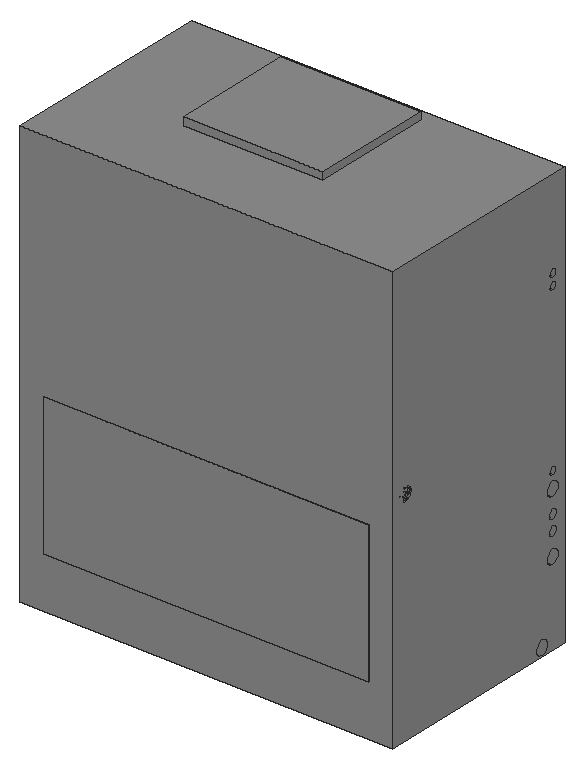
Revit family
Parameters (values of type "40RUA07")
  Width = 2' - 4 3/16"
  Voltage = 0 V
  Version = 1
  Unit Material = Paint - Carrier - American Sterling Gray
  UV-C Germicidal Lamp [instance] = no
  URL = "www.carrier.com"
  Type Comments = "10 Tons DX Coil Packed Air-Handling Unit"
  Top Duct Width = 1' - 4 1/16"
  Top Duct Length = 1' - 6 3/8"
  Top Duct Height = 0' - 1"
  TXV Bulb Connection Size = 7/8"
  TXV Bulb Connection Radius = TXV Bulb Connection Size / 2  # 0' - 0 7/16"
  Suction Connection Size = 1 1/8"
  Suction Connection Radius = Suction Connection Size / 2  # 0' - 0 9/16"
  Subbase [instance] = no
  Steam Heating Coil [instance] = no
  Right Clearance = 2' - 6"
  Return Air Intake Length = 3' - 6 3/4"
  Return Air Grille [instance] = no
  Programmable Thermostats [instance] = no
  Prepainted Units [instance] = no
  Overhead Suspension Package [instance] = no
  Model = "40RUA07"
  Manufacturer = "Carrier"  # constant formula
  MOCP = 0 A
  MCA = 0 A
  Liquid Connection Size = 5/8"
  Liquid Connection Radius = Liquid Connection Size / 2  # 0' - 0 5/16"
  Length = 4' - 1"
  Left Clearance = 2' - 6"
  Hot Water Heating Coils [instance] = no
  Height = 4' - 8 1/16"
  Front Return Air Intake Height = 1' - 6 1/2"
  Front Clearance = 2' - 6"
  Fan Radius = 1' - 0"
  Electric Heat [instance] = no
  Economizer [instance] = no
  Drain Connection Size = 1 1/4"
  Drain Connection Radius = Drain Connection Size / 2  # 0' - 0 5/8"
  Disclaimer = "Manufacturer reserves the right to change, at any time, specifications and designs without notice and without obligation.  Please verify critical parameters with local Carrier commercial sales office."  # constant formula
  Discharge Plenum [instance] = no
  Condensate Drain Trap [instance] = no
  CO2 Sensors [instance] = no
  CFM (nominal) = 0 CFM
  Bottom Return Air Intake Width = 1' - 5 1/4"
  Back Clearance = 0' - 3"
  Assembly Code = "D3050200"
  Alternate Fan Motors [instance] = no
  Alternate Drives [instance] = no
Types (7): name | Type Comments | Top Duct Width | Top Duct Length | Suction Connection Size | Suction Connection Radius | Model | Liquid Connection Size | Liquid Connection Radius
  (no name) | "10 Tons DX Coil Packed Air-Handling Unit" | 1' - 4 1/16" | 1' - 6 3/8" | 1 1/8" | 0' - 0 9/16" | "40RUA07" | 5/8" | 0' - 0 5/16"
  40RUA07 | "10 Tons DX Coil Packed Air-Handling Unit" | 1' - 4 1/16" | 1' - 6 3/8" | 1 1/8" | 0' - 0 9/16" | "40RUA07" | 5/8" | 0' - 0 5/16"
  40RUA08 | "7.5 Tons  DX Coil Packed Air-Handling Unit" | 1' - 4" | 1' - 6" | 1 1/8" | 0' - 0 9/16" | "40RUA08" | 5/8" | 0' - 0 5/16"
  40RUA12 | "10 Tons  DX Coil Packed Air-Handling Unit" | 1' - 4" | 1' - 6" | 1 1/8" | 0' - 0 9/16" | "40RUA12" | 5/8" | 0' - 0 5/16"
  40RUS08 | "7.5 Tons" | 1' - 4" | 1' - 6" | 1 3/8" | 0' - 0 11/16" | "40RUS08 Chilled Water Coil Packed Air-Handling Unit" | 1 3/8" | 0' - 0 11/16"
  40RUS12 | "10 Tons Chilled Water Coil Packed Air-Handling Unit" | 1' - 4" | 1' - 6" | 1 3/8" | 0' - 0 11/16" | "40RUS12" | 1 3/8" | 0' - 0 11/16"
  40RUS10 | "8.5 Tons Chilled Water Coil Packed Air-Handling Unit" | 1' - 4" | 1' - 6" | 1 3/8" | 0' - 0 11/16" | "40RUS10" | 1 3/8" | 0' - 0 11/16"
Reference planes (in)
  plane 1 "Center (Front/Back)": y = 0
  plane 2: z = 0
  plane 3 "Center (Left/Right)": x = 0
  plane 4 "Bace Face of Unit": y = 14.09375
  plane 5 "Front Face of Unit": y = -14.09375
  plane 6 "Left Face of Unit": x = -24.5
  plane 7 "Right Face of Unit": x = 24.5
  plane 8 "Back Clearance Line": y = 17.09375
  plane 9 "Left Clearance Line": x = -54.5
  plane 10 "Right Clearance Line": x = 54.5
  plane 11 "Front Clearance Line": y = -44.09375
  plane 12 "Top of Unit": z = 56.0625
  plane 13 "Bottom of Unit": z = 0
  plane 14 "Top Duct Left Edge": x = -11.4375
  plane 15 "Top Duct Right Edge": x = 6.9375
  plane 16 "Top Duct Back Edge": y = 12.46875
  plane 17 "Top Duct Front Edge": y = -3.59375
  plane 18 "Top Duct Top": z = 57.0625
  plane 19 "Side Connections Centerline": y = 12.09375
  plane 20 "Lower Suction Connection Centerline": z = 11.0625
  plane 21 "Lower Liquid Connection Centerline": z = 14.0625
  plane 22 "Upper Liquid Connection Centerline": z = 16.0625
  plane 23 "Upper Suction Connection Centerline": z = 19.0625
  plane 24 "TXV Bulb Connection": z = 21.1875
  plane 25 "Top Power Entry Centerline": z = 44.4375
  plane 26 "Lower Power Entry Centerline": z = 42.9375
  plane 27 "Drain Connection Centerline": z = 1.125
  plane 28 "Drain Centerline - Horizontal": y = 10.34375
  plane 29 "Front Drain Centerline Vertical": y = -12.09375
  plane 30 "Front Drain Centerline Horizontal": z = 29.0625
  plane 31 "Left Edge of Intake": x = -21.375
  plane 32 "Right Edge of Intake": x = 21.375
  plane 33 "Top Edge of Intake": z = 25.25
  plane 34 "Bottom Edge of Intake": z = 6.75
  plane 35 "Back Edge of Intake": y = 6.84375
  plane 36 "Front Edge of Intake": y = -10.40625
Forms (in)
  Extrusion 1, solid, material "Paint - Carrier - American Sterling Gray" <- "Unit Material"
    sketch origin (0, 0, 0) x (1, 0, 0) y (0, 1, 0)
      loop
        line (-24.5, -14.09375) -> (24.5, -14.09375) -> (24.5, 14.09375) -> (-24.5, 14.09375) -> (-24.5, -14.09375)
    from 0 to 56.0625
  Extrusion 2, solid, material "Paint - Carrier - American Sterling Gray", detail levels medium+fine
    sketch origin (0, 0, 56.0625) x (-1, 0, 0) y (0, -1, 0)
      loop
        line (11.4375, 3.59375) -> (-6.9375, 3.59375) -> (-6.9375, -12.46875) -> (11.4375, -12.46875) -> (11.4375, 3.59375)
    from 0 to 1
  Extrusion 3, solid, material "Paint - Carrier - American Sterling Gray" <- "Unit Material", detail levels fine
    sketch origin (24.5, 0, 0) x (0, 1, 0) y (0, 0, 1)
      loop
        circle (12.09375, 44.4375) r 0.4375
    from 0 to -0.5
  Extrusion 4, solid, material "Paint - Carrier - American Sterling Gray" <- "Unit Material", detail levels fine
    sketch origin (24.5, 0, 0) x (0, 1, 0) y (0, 0, 1)
      loop
        circle (12.09375, 42.9375) r 0.4375
    from 0 to -0.5
  Extrusion 5, solid, material "Paint - Carrier - American Sterling Gray" <- "Unit Material", detail levels fine
    sketch origin (24.5, 0, 0) x (0, 1, 0) y (0, 0, 1)
      loop
        circle (12.09375, 21.1875) r 0.4375
    from 0 to -0.5
  Extrusion 6, solid, material "Paint - Carrier - American Sterling Gray" <- "Unit Material", detail levels fine
    sketch origin (24.5, 0, 0) x (0, 1, 0) y (0, 0, 1)
      loop
        circle (12.09375, 19.0625) r 0.875
    from 0 to -0.5
  Extrusion 7, solid, material "Paint - Carrier - American Sterling Gray" <- "Unit Material", detail levels fine
    sketch origin (24.5, 0, 0) x (0, 1, 0) y (0, 0, 1)
      loop
        circle (12.09375, 16.0625) r 0.5625
    from 0 to -0.5
  Extrusion 8, solid, material "Paint - Carrier - American Sterling Gray" <- "Unit Material", detail levels fine
    sketch origin (24.5, 0, 0) x (0, 1, 0) y (0, 0, 1)
      loop
        circle (12.09375, 14.0625) r 0.5625
    from 0 to -0.5
  Extrusion 9, solid, material "Paint - Carrier - American Sterling Gray" <- "Unit Material", detail levels fine
    sketch origin (24.5, 0, 0) x (0, 1, 0) y (0, 0, 1)
      loop
        circle (12.09375, 11.0625) r 0.875
    from 0 to -0.5
  Extrusion 10, solid, material "Paint - Carrier - American Sterling Gray" <- "Unit Material", detail levels fine
    sketch origin (24.5, 0, 0) x (0, 1, 0) y (0, 0, 1)
      loop
        circle (10.34375, 1.125) r 0.875
    from 0 to -0.5
  Extrusion 11, solid, material "Paint - Carrier - American Sterling Gray" <- "Unit Material", detail levels fine
    sketch origin (24.5, 0, 0) x (0, 1, 0) y (0, 0, 1)
      loop
        circle (-12.09375, 29.0625) r 0.875
    from 0 to -0.5
  Extrusion 12, solid, material "Paint - Carrier - American Sterling Gray" <- "Unit Material", detail levels medium+fine
    sketch origin (0, -14.09375, 0) x (-1, 0, 0) y (0, 0, 1)
      loop
        line (21.375, 6.75) -> (21.375, 25.25) -> (-21.375, 25.25) -> (-21.375, 6.75) -> (21.375, 6.75)
    from 0 to 0.5
  Extrusion 13, solid, material "Paint - Carrier - American Sterling Gray" <- "Unit Material", detail levels medium+fine
    sketch origin (0, 0, 0) x (-1, 0, 0) y (0, -1, 0)
      loop
        line (21.375, 10.40625) -> (-21.375, 10.40625) -> (-21.375, -6.84375) -> (21.375, -6.84375) -> (21.375, 10.40625)
    from 0 to 0.5
Lines and regions (in)
  symbolic lines, style "Clearance Zones", detail levels fine
    curve 1: line (-54.5, -44.09375, 0) -> (54.5, -44.09375, 0)
    curve 2: line (-54.5, 17.09375, 0) -> (-54.5, -44.09375, 0)
    curve 3: line (54.5, 17.09375, 0) -> (-54.5, 17.09375, 0)
    curve 4: line (54.5, -44.09375, 0) -> (54.5, 17.09375, 0)
  model lines, detail levels medium+fine
    curve 5: line (-22, -14.09375, 3.5) -> (22, -14.09375, 3.5)
    curve 6: line (-22, -14.09375, 26.78125) -> (-22, -14.09375, 3.5)
    curve 7: line (22, -14.09375, 26.78125) -> (-22, -14.09375, 26.78125)
    curve 8: line (22, -14.09375, 3.5) -> (22, -14.09375, 26.78125)
    curve 9: line (-22, -14.09375, 29.28125) -> (22, -14.09375, 29.28125)
    curve 10: line (-22, -14.09375, 53.5625) -> (-22, -14.09375, 29.28125)
    curve 11: line (22, -14.09375, 53.5625) -> (-22, -14.09375, 53.5625)
    curve 12: line (22, -14.09375, 29.28125) -> (22, -14.09375, 53.5625)
    curve 13: line (-24.5, 10.09375, 3.5) -> (-24.5, -10.09375, 3.5)
    curve 14: line (-24.5, 10.09375, 53.5625) -> (-24.5, 10.09375, 3.5)
    curve 15: line (-24.5, -10.09375, 53.5625) -> (-24.5, 10.09375, 53.5625)
    curve 16: line (-24.5, -10.09375, 3.5) -> (-24.5, -10.09375, 53.5625)
    curve 17: line (24.5, -10.09375, 3.5) -> (24.5, 10.09375, 3.5)
    curve 18: line (24.5, -10.09375, 53.5625) -> (24.5, -10.09375, 3.5)
    curve 19: line (24.5, 10.09375, 53.5625) -> (24.5, -10.09375, 53.5625)
    curve 20: line (24.5, 10.09375, 3.5) -> (24.5, 10.09375, 53.5625)
Dimensions and locks (in)
  equal spacing: plane 6 "Left Face of Unit", plane 3 "Center (Left/Right)", plane 7 "Right Face of Unit"
  "Length": plane 6 "Left Face of Unit" to plane 7 "Right Face of Unit"
  equal spacing: plane 4 "Bace Face of Unit", plane 1 "Center (Front/Back)", plane 5 "Front Face of Unit"
  "Width": plane 4 "Bace Face of Unit" to plane 5 "Front Face of Unit"
  "Left Clearance": plane 9 "Left Clearance Line" to plane 6 "Left Face of Unit"
  "Right Clearance": plane 7 "Right Face of Unit" to plane 10 "Right Clearance Line"
  "Back Clearance": plane 8 "Back Clearance Line" to plane 4 "Bace Face of Unit"
  "Front Clearance": plane 5 "Front Face of Unit" to plane 11 "Front Clearance Line"
  "Height": plane 12 "Top of Unit" to level
  locked: plane 6 "Left Face of Unit" to plane 14 "Top Duct Left Edge" at 13.0625
  "Top Duct Length": plane 14 "Top Duct Left Edge" to plane 15 "Top Duct Right Edge"
  "Top Duct Width": plane 16 "Top Duct Back Edge" to plane 17 "Top Duct Front Edge"
  locked: plane 4 "Bace Face of Unit" to plane 16 "Top Duct Back Edge" at 1.625
  "Top Duct Height": plane 18 "Top Duct Top" to plane 12 "Top of Unit"
  locked: curve 10 to plane 6 "Left Face of Unit" at 2.5
  locked: plane 7 "Right Face of Unit" to curve 12 at 2.5
  locked: plane 12 "Top of Unit" to curve 11 at 2.5
  locked: curve 11 to curve 9 at 24.28125
  locked: curve 9 to curve 7 at 2.5
  locked: curve 5 to plane 13 "Bottom of Unit" at 3.5
  plane 4 "Bace Face of Unit" to curve 14 = 0' - 4"
  curve 16 to plane 5 "Front Face of Unit" = 0' - 4"
  curve 13 to plane 13 "Bottom of Unit" = 0' - 3 1/2"
  plane 12 "Top of Unit" to curve 15 = 0' - 2 1/2"
  locked: plane 19 "Side Connections Centerline" to plane 4 "Bace Face of Unit" at 2
  locked: plane 20 "Lower Suction Connection Centerline" to plane 13 "Bottom of Unit" at 11.0625
  locked: plane 21 "Lower Liquid Connection Centerline" to plane 13 "Bottom of Unit" at 14.0625
  locked: plane 22 "Upper Liquid Connection Centerline" to plane 13 "Bottom of Unit" at 16.0625
  locked: plane 23 "Upper Suction Connection Centerline" to plane 13 "Bottom of Unit" at 19.0625
  locked: plane 24 "TXV Bulb Connection" to plane 13 "Bottom of Unit" at 21.1875
  locked: plane 26 "Lower Power Entry Centerline" to plane 13 "Bottom of Unit" at 42.9375
  locked: plane 25 "Top Power Entry Centerline" to plane 13 "Bottom of Unit" at 44.4375
  locked: plane 28 "Drain Centerline - Horizontal" to plane 4 "Bace Face of Unit" at 3.75
  locked: plane 5 "Front Face of Unit" to plane 29 "Front Drain Centerline Vertical" at 2
  locked: plane 30 "Front Drain Centerline Horizontal" to plane 13 "Bottom of Unit" at 29.0625
  locked: plane 31 "Left Edge of Intake" to plane 6 "Left Face of Unit" at 3.125
  "Return Air Intake Length": plane 32 "Right Edge of Intake" to plane 31 "Left Edge of Intake"
  locked: plane 34 "Bottom Edge of Intake" to plane 13 "Bottom of Unit" at 6.75
  "Front Return Air Intake Height": plane 33 "Top Edge of Intake" to plane 34 "Bottom Edge of Intake"
  locked: plane 36 "Front Edge of Intake" to plane 5 "Front Face of Unit" at 3.6875
  "Bottom Return Air Intake Width": plane 35 "Back Edge of Intake" to plane 36 "Front Edge of Intake"
  locked: Extrusion 13 to plane 13 "Bottom of Unit" at 0.5
  radius of Extrusion 3 sketch curve = 0' - 0 7/16"
  radius of Extrusion 4 sketch curve = 0' - 0 7/16"
  radius of Extrusion 5 sketch curve = 0' - 0 7/16"
  radius of Extrusion 6 sketch curve = 0' - 0 7/8"
  radius of Extrusion 7 sketch curve = 0' - 0 9/16"
  radius of Extrusion 8 sketch curve = 0' - 0 9/16"
  radius of Extrusion 9 sketch curve = 0' - 0 7/8"
  radius of Extrusion 10 sketch curve = 0' - 0 7/8"
  radius of Extrusion 11 sketch curve = 0' - 0 7/8"
  aligned and locked: level to plane 2
  aligned and locked: plane 8 "Back Clearance Line" to curve 3
  aligned and locked: plane 10 "Right Clearance Line" to curve 4
  aligned and locked: curve 1 to plane 11 "Front Clearance Line"
  aligned and locked: curve 2 to plane 9 "Left Clearance Line"
  aligned and locked: level to plane 13 "Bottom of Unit"
  aligned and locked: plane 4 "Bace Face of Unit" to Extrusion 1 sketch curve
  aligned and locked: Extrusion 1 sketch curve to plane 6 "Left Face of Unit"
  aligned and locked: plane 7 "Right Face of Unit" to Extrusion 1
  aligned and locked: Extrusion 1 to plane 5 "Front Face of Unit"
  aligned and locked: plane 12 "Top of Unit" to Extrusion 1
  aligned and locked: Extrusion 1 to plane 13 "Bottom of Unit"
  aligned and locked: plane 16 "Top Duct Back Edge" to Extrusion 2 sketch curve
  aligned and locked: plane 15 "Top Duct Right Edge" to Extrusion 2 sketch curve
  aligned and locked: Extrusion 2 sketch curve to plane 14 "Top Duct Left Edge"
  aligned and locked: Extrusion 2 sketch curve to plane 17 "Top Duct Front Edge"
  aligned and locked: Extrusion 2 to plane 12 "Top of Unit"
  aligned and locked: plane 18 "Top Duct Top" to Extrusion 2
  aligned and locked: curve 10 to curve 6
  aligned and locked: curve 8 to curve 12
  aligned and locked: curve 19 to curve 15
  aligned and locked: curve 18 to curve 16
  aligned and locked: curve 17 to curve 13
  aligned and locked: curve 20 to curve 14
  aligned and locked: plane 19 "Side Connections Centerline" to Extrusion 3 sketch curve
  aligned and locked: plane 25 "Top Power Entry Centerline" to Extrusion 3 sketch curve
  aligned and locked: plane 7 "Right Face of Unit" to Extrusion 3
  aligned and locked: plane 19 "Side Connections Centerline" to Extrusion 4 sketch curve
  aligned and locked: plane 26 "Lower Power Entry Centerline" to Extrusion 4 sketch curve
  aligned and locked: plane 19 "Side Connections Centerline" to Extrusion 5 sketch curve
  aligned and locked: plane 24 "TXV Bulb Connection" to Extrusion 5 sketch curve
  aligned and locked: plane 23 "Upper Suction Connection Centerline" to Extrusion 6 sketch curve
  aligned and locked: plane 19 "Side Connections Centerline" to Extrusion 6 sketch curve
  aligned and locked: plane 19 "Side Connections Centerline" to Extrusion 7 sketch curve
  aligned and locked: plane 22 "Upper Liquid Connection Centerline" to Extrusion 7 sketch curve
  aligned and locked: plane 19 "Side Connections Centerline" to Extrusion 8 sketch curve
  aligned and locked: plane 21 "Lower Liquid Connection Centerline" to Extrusion 8 sketch curve
  aligned and locked: plane 19 "Side Connections Centerline" to Extrusion 9 sketch curve
  aligned and locked: plane 20 "Lower Suction Connection Centerline" to Extrusion 9 sketch curve
  aligned and locked: plane 28 "Drain Centerline - Horizontal" to Extrusion 10 sketch curve
  aligned and locked: plane 27 "Drain Connection Centerline" to Extrusion 10 sketch curve
  aligned and locked: plane 7 "Right Face of Unit" to Extrusion 10
  aligned and locked: plane 7 "Right Face of Unit" to Extrusion 9
  aligned and locked: plane 7 "Right Face of Unit" to Extrusion 8
  aligned and locked: plane 7 "Right Face of Unit" to Extrusion 7
  aligned and locked: plane 7 "Right Face of Unit" to Extrusion 6
  aligned and locked: plane 7 "Right Face of Unit" to Extrusion 5
  aligned and locked: plane 7 "Right Face of Unit" to Extrusion 4
  aligned and locked: plane 29 "Front Drain Centerline Vertical" to Extrusion 11 sketch curve
  aligned and locked: plane 30 "Front Drain Centerline Horizontal" to Extrusion 11 sketch curve
  aligned and locked: plane 7 "Right Face of Unit" to Extrusion 11
  aligned and locked: plane 33 "Top Edge of Intake" to Extrusion 12 sketch curve
  aligned and locked: plane 32 "Right Edge of Intake" to Extrusion 12 sketch curve
  aligned and locked: Extrusion 12 sketch curve to plane 34 "Bottom Edge of Intake"
  aligned and locked: Extrusion 12 sketch curve to plane 31 "Left Edge of Intake"
  aligned and locked: plane 32 "Right Edge of Intake" to Extrusion 13 sketch curve
  aligned and locked: Extrusion 13 sketch curve to plane 31 "Left Edge of Intake"
  aligned and locked: plane 35 "Back Edge of Intake" to Extrusion 13 sketch curve
  aligned and locked: Extrusion 13 sketch curve to plane 36 "Front Edge of Intake"
  aligned and locked: Extrusion 13 to plane 13 "Bottom of Unit"
Automatic sketch dimensions
  Extrusion 1 sketch curve to plane 7 "Right Face of Unit" = 0' - 0"
  plane 5 "Front Face of Unit" to Extrusion 1 sketch curve = 0' - 0"
Connectors (in)
  hvac at (-2.25, 4.4375, 57.0625), driven by "Top Duct Length", driven by "Top Duct Width", driven by "CFM (nominal)"
    settings: on Extrusion 2, index 1, duct flow 0 CFM, flow factor 0, pres drop 0.00 in-wg, loss coef 0, conn angle 0.00°, conn width 18 3/8", conn height 16 1/16", conn radius 12", duct sys type 1, conn prof type 1, flow config 0, flow direction 2, loss method 0, conn ref index -1, conn util no, is conn primary yes, conn desc "Top Supply Air"
  piping at (24.5, 10.34375, 1.125), driven by "Drain Connection Radius"
    settings: on Extrusion 10, index 2, connector radius 5/8", flow factor 0, pipe flow 0 GPM, pressure drop 0.00 psi, fitting loss kfactor 0, connector angle 0.00°, fixture units 0, flow configuration 0, flow direction 2, fitting loss method 0, system type 16, connector reference index -1, connector utility 0, adjustable connector no, is connector primary yes, fitting loss table "", connector description "Bottom Drain"
  piping at (24.5, 12.09375, 11.0625), driven by "Suction Connection Radius"
    settings: on Extrusion 9, index 3, connector radius 9/16", flow factor 0, pipe flow 0 GPM, pressure drop 0.00 psi, fitting loss kfactor 0, connector angle 0.00°, fixture units 0, flow configuration 1, flow direction 2, fitting loss method 0, system type 22, connector reference index -1, connector utility 0, adjustable connector no, is connector primary no, fitting loss table "", connector description "Lower Suction Connection"
  piping at (24.5, 12.09375, 14.0625), driven by "Liquid Connection Radius"
    settings: on Extrusion 8, index 4, connector radius 5/16", flow factor 0, pipe flow 0 GPM, pressure drop 0.00 psi, fitting loss kfactor 0, connector angle 0.00°, fixture units 0, flow configuration 1, flow direction 1, fitting loss method 0, system type 22, connector reference index -1, connector utility 0, adjustable connector no, is connector primary no, fitting loss table "", connector description "Lower Liquid Connection"
  piping at (24.5, 12.09375, 16.0625), driven by "Liquid Connection Radius"
    settings: on Extrusion 7, index 5, connector radius 5/16", flow factor 0, pipe flow 0 GPM, pressure drop 0.00 psi, fitting loss kfactor 0, connector angle 0.00°, fixture units 0, flow configuration 1, flow direction 1, fitting loss method 0, system type 22, connector reference index -1, connector utility 0, adjustable connector no, is connector primary no, fitting loss table "", connector description "Upper Liquid Connection"
  piping at (24.5, 12.09375, 19.0625), driven by "Suction Connection Radius"
    settings: on Extrusion 6, index 6, connector radius 9/16", flow factor 0, pipe flow 0 GPM, pressure drop 0.00 psi, fitting loss kfactor 0, connector angle 0.00°, fixture units 0, flow configuration 1, flow direction 2, fitting loss method 0, system type 22, connector reference index -1, connector utility 0, adjustable connector no, is connector primary no, fitting loss table "", connector description "Upper Suction Connection"
  piping at (24.5, 12.09375, 21.1875), driven by "TXV Bulb Connection Radius"
    settings: on Extrusion 5, index 7, connector radius 7/16", flow factor 0, pipe flow 0 GPM, pressure drop 0.00 psi, fitting loss kfactor 0, connector angle 0.00°, fixture units 0, flow configuration 1, flow direction 1, fitting loss method 0, system type 22, connector reference index -1, connector utility 0, adjustable connector no, is connector primary no, fitting loss table "", connector description "TXV Bulb"
  electrical at (24.5, 12.09375, 44.4375)
    settings: on Extrusion 3, index 8, voltage 0 V, apparent load 0 VA, apparent load phase1 0 VA, apparent load phase2 0 VA, apparent load phase3 0 VA, power factor 1, load classification "Power", number of poles 3, system type 30, power factor state 1, is connector primary yes, connector utility no, sub classification motor no, connector description "Power Supply"
  electrical at (24.5, 12.09375, 42.9375)
    settings: on Extrusion 4, index 9, voltage 0 V, apparent load 0 VA, apparent load phase1 0 VA, apparent load phase2 0 VA, apparent load phase3 0 VA, power factor 1, load classification "Motor", number of poles 3, system type 30, power factor state 1, is connector primary no, connector utility no, sub classification motor no, connector description "Optional Fan Motor"
  hvac at (0, -14.09375, 16), driven by "Front Return Air Intake Height", driven by "Return Air Intake Length"
    settings: on Extrusion 12, index 10, duct flow 0 CFM, flow factor 0, pres drop 0.00 in-wg, loss coef 0, conn angle 0.00°, conn width 42 3/4", conn height 18 1/2", conn radius 12", duct sys type 2, conn prof type 1, flow config 0, flow direction 1, loss method 0, conn ref index -1, conn util no, is conn primary no, conn desc "Front Return Air Intake"
  hvac at (0, -1.78125, 0), driven by "Bottom Return Air Intake Width", driven by "Return Air Intake Length"
    settings: on Extrusion 13, index 11, duct flow 0 CFM, flow factor 0, pres drop 0.00 in-wg, loss coef 0, conn angle 0.00°, conn width 42 3/4", conn height 17 1/4", conn radius 12", duct sys type 2, conn prof type 1, flow config 0, flow direction 1, loss method 0, conn ref index -1, conn util no, is conn primary no, conn desc "Bottom Return Air Intake"
